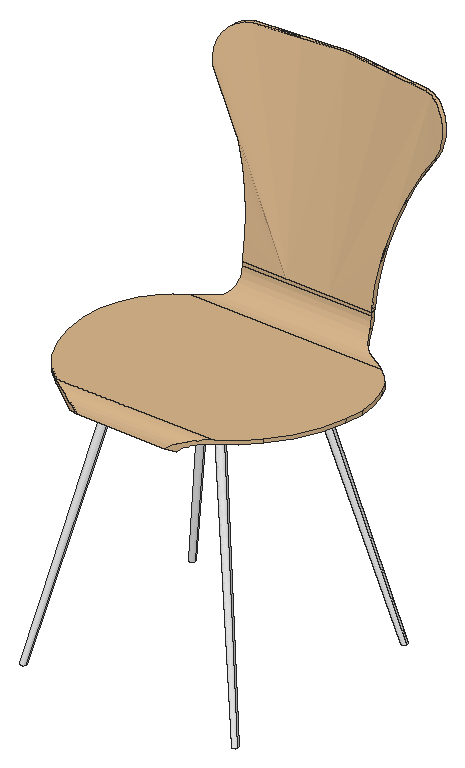
Revit family
Parameters
  Material Legs = Metal - Chrome
  Material Chair = Wood - Birch
Reference planes
  plane 1 "Center (Front/Back)": y = 0
  plane 2: z = 0
  plane 3 "Center (Left/Right)": x = 0
  plane 4: x = -225
  plane 5: x = 225
  plane 6: y = 200
  plane 7: y = -200
  plane 8 "Seat": z = 450
  plane 9: z = 800
  plane 10: x = 110
  plane 11: x = -110
  plane 12: z = 475.093
Forms (mm)
  Extrusion 1, solid, material "Wood - Birch" <- "Material Chair"
    sketch origin (0, 0, 0) x (0, 1, 0) y (0, 0, 1)
      loop
        arc (-170, 450) -> (-188.617, 444.912) -> (-200, 429.326) r 29.217
        line (-200, 429.326) -> (-194.258, 427.587)
        arc (-194.258, 427.587) -> (-185.212, 439.971) -> (-170.419, 444.015) r 23.217
        line (-170.419, 444.015) -> (153.79, 421.344)
        arc (153.79, 421.344) -> (190.502, 434.358) -> (206, 470.093) r 48.806
        line (206, 470.093) -> (206, 475.093) -> (200, 475.093) -> (200, 470.093)
        arc (200, 470.093) -> (186.41, 438.746) -> (154.208, 427.329) r 42.806
        line (154.208, 427.329) -> (-170, 450)
    from -225 to 225
  Extrusion 2, void
    sketch origin (0, 0, 0) x (1, 0, 0) y (0, 1, 0)
      loop
        line (-110, 206) -> (-245, 206) -> (-245, -214) -> (245, -214) -> (245, 206) -> (110, 206)
        arc (110, 206) -> (117.478, 183.769) -> (135.811, 169.138) r 41.519
        arc (135.811, 169.138) -> (178.704, 141.327) -> (208.387, 99.707) r 136.748
        arc (208.387, 99.707) -> (223.049, 52.445) -> (225, 3) r 189.864
        arc (225, 3) -> (211.006, -61.42) -> (181.787, -120.513) r 269.404
        arc (181.787, -120.513) -> (117.579, -181.575) -> (33.009, -208.014) r 195.467
        arc (33.009, -208.014) -> (0, -209.198) -> (-33.009, -208.014) r 460.841
        arc (-33.009, -208.014) -> (-117.579, -181.575) -> (-181.787, -120.513) r 195.467
        arc (-181.787, -120.513) -> (-211.006, -61.42) -> (-225, 3) r 269.404
        arc (-225, 3) -> (-223.049, 52.445) -> (-208.387, 99.707) r 189.864
        arc (-208.387, 99.707) -> (-178.704, 141.327) -> (-135.811, 169.138) r 136.748
        arc (-135.811, 169.138) -> (-117.478, 183.769) -> (-110, 206) r 41.519
    from 408.822 to 493.819
  Blend 3, solid, material "Wood - Birch" <- "Material Chair"
    base sketch origin (0, 200, 475.093) x (0, -1, 0) y (1, 0, 0)
      loop
        arc (-6, -110) -> (-2.988, -110.225) -> (0, -110.668) r 41.519
        line (0, -110.668) -> (0, 110.668)
        arc (0, 110.668) -> (-2.988, 110.225) -> (-6, 110) r 41.519
        line (-6, 110) -> (-6, -110)
    top sketch origin (0, 200, 475.093) x (0, -1, 0) y (1, 0, 0)
      loop
        line (-55, -225) -> (-49.287, -223.168)
        arc (-49.287, -223.168) -> (-84.199, 0) -> (-49.287, 223.168) r 730.716
        line (-49.287, 223.168) -> (-55, 225)
        arc (-55, 225) -> (-90.199, 0) -> (-55, -225) r 736.716
    from 0 to 324.907
  Extrusion 4, void
    sketch origin (0, 0, 0) x (1, 0, 0) y (0, 0, 1)
      loop
        line (-110.668, 475.093) -> (-110.668, 480.093)
        arc (-110.668, 480.093) -> (-130.369, 606.142) -> (-187.591, 720.169) r 413.102
        arc (-187.591, 720.169) -> (-191.797, 771.843) -> (-148.265, 800) r 50.509
        line (-148.265, 800) -> (148.265, 800)
        arc (148.265, 800) -> (191.797, 771.843) -> (187.591, 720.169) r 50.509
        arc (187.591, 720.169) -> (130.369, 606.142) -> (110.668, 480.093) r 413.102
        line (110.668, 480.093) -> (110.668, 475.093) -> (244.332, 475.093) -> (244.332, 815.093) -> (-240.668, 815.093) -> (-240.668, 475.093) -> (-110.668, 475.093)
    from -362.435 to -113.129
  Blend 5, solid, material "Metal - Chrome" <- "Material Legs"
    base sketch origin (0, 0, 0) x (1, 0, 0) y (0, 1, 0)
      loop
        circle (181.744, -181.303) r 5
    top sketch origin (0, 0, 0) x (1, 0, 0) y (0, 1, 0)
      loop
        circle (86.314, -96.145) r 7.5
    from 0 to 438.225
  Blend 6, solid, material "Metal - Chrome" <- "Material Legs"
    base sketch origin (0, 0, 0) x (-1, 0, 0) y (0, -1, 0)
      loop
        circle (181.744, 181.303) r 5
    top sketch origin (0, 0, 0) x (-1, 0, 0) y (0, -1, 0)
      loop
        circle (86.314, 96.145) r 7.5
    from 0 to 438.225
  Blend 7, solid, material "Metal - Chrome" <- "Material Legs"
    base sketch origin (0, 0, 0) x (1, 0, 0) y (0, 1, 0)
      loop
        circle (181.744, 181.303) r 5
    top sketch origin (0, 0, 0) x (1, 0, 0) y (0, 1, 0)
      loop
        circle (86.314, 96.145) r 7.5
    from 0 to 424.69
  Blend 8, solid, material "Metal - Chrome" <- "Material Legs"
    base sketch origin (0, 0, 0) x (-1, 0, 0) y (0, -1, 0)
      loop
        circle (181.744, -181.303) r 5
    top sketch origin (0, 0, 0) x (-1, 0, 0) y (0, -1, 0)
      loop
        circle (86.314, -96.145) r 7.5
    from 0 to 424.69
Cuts and joins
  Extrusion 2, Extrusion 4 cuts Extrusion 1
  Extrusion 4 cuts Blend 3
  joined: Extrusion 1, Blend 3
Lines and regions (mm)
  Masking region 1
    outline origin (0, 0, 450) x (-1, 0, 0) y (0, -1, 0)
      loop
        arc (135.811, -169.138) -> (178.704, -141.327) -> (208.387, -99.707) r 136.748
        arc (208.387, -99.707) -> (219.341, -69.362) -> (225, -37.6) r 189.864
        line (225, -37.6) -> (225, -3)
        arc (225, -3) -> (211.006, 61.42) -> (181.787, 120.513) r 269.404
        arc (181.787, 120.513) -> (135.678, 169.528) -> (75.679, 200) r 195.467
        arc (75.679, 200) -> (0, 211.319) -> (-75.679, 200) r 258.648
        arc (-75.679, 200) -> (-135.678, 169.528) -> (-181.787, 120.513) r 195.467
        arc (-181.787, 120.513) -> (-211.006, 61.42) -> (-225, -3) r 269.404
        line (-225, -3) -> (-225, -37.6)
        arc (-225, -37.6) -> (-219.341, -69.362) -> (-208.387, -99.707) r 189.864
        arc (-208.387, -99.707) -> (-178.704, -141.327) -> (-135.811, -169.138) r 136.748
        arc (-135.811, -169.138) -> (-117.478, -183.769) -> (-110, -206) r 41.519
        arc (-110, -206) -> (0, -224.305) -> (110, -206) r 339.666
        arc (110, -206) -> (117.478, -183.769) -> (135.811, -169.138) r 41.519
  Masking region 2
    outline origin (0, 0, 450) x (-1, 0, 0) y (0, -1, 0)
      loop
        spline (-110.668, -205.77) -> (-111.183, -209.394) -> (-112.793, -213.288) -> (-115.491, -217.38) -> (-119.271, -221.482) -> (-124.128, -225.499) -> (-130.058, -229.358) -> (-137.054, -232.985) -> (-145.108, -236.312) -> (-154.207, -239.281) -> (-164.336, -241.832) -> (-175.473, -243.887) -> (-187.591, -245.418)
        spline (-187.591, -245.418) -> (-192.311, -246.193) -> (-195.433, -247.552) -> (-196.885, -249.462) -> (-196.666, -251.85) -> (-194.842, -254.621) -> (-191.521, -257.666) -> (-186.827, -260.869) -> (-180.9, -264.112) -> (-173.891, -267.277) -> (-165.974, -270.249) -> (-157.35, -272.892) -> (-148.265, -275.126)
        arc (-148.265, -275.126) -> (0, -290.199) -> (148.265, -275.126) r 736.716
        spline (148.265, -275.126) -> (157.35, -272.892) -> (165.974, -270.249) -> (173.891, -267.277) -> (180.9, -264.112) -> (186.827, -260.869) -> (191.521, -257.666) -> (194.842, -254.621) -> (196.666, -251.85) -> (196.885, -249.462) -> (195.433, -247.552) -> (192.311, -246.193) -> (187.591, -245.418)
        spline (187.591, -245.418) -> (175.465, -243.886) -> (164.329, -241.831) -> (154.204, -239.28) -> (145.109, -236.31) -> (137.057, -232.983) -> (130.06, -229.359) -> (124.13, -225.502) -> (119.271, -221.484) -> (115.491, -217.38) -> (112.794, -213.288) -> (111.183, -209.394) -> (110.668, -205.77)
        arc (110.668, -205.77) -> (0, -224.305) -> (-110.668, -205.77) r 339.666
  symbolic lines, not visible
    curve 1: arc (-208.387, 99.707, 0) -> (-178.704, 141.327, 0) -> (-135.811, 169.138, 0) r 136.748
    curve 2: arc (-225, 37.6, 0) -> (-219.341, 69.362, 0) -> (-208.387, 99.707, 0) r 189.864
    curve 3: line (-225, 37.6, 0) -> (-225, 3, 0)
    curve 4: arc (-181.787, -120.513, 0) -> (-211.006, -61.42, 0) -> (-225, 3, 0) r 269.404
    curve 5: arc (-75.679, -200, 0) -> (-135.678, -169.528, 0) -> (-181.787, -120.513, 0) r 195.467
    curve 6: arc (181.787, -120.513, 0) -> (135.678, -169.528, 0) -> (75.679, -200, 0) r 195.467
    curve 7: arc (225, 3, 0) -> (211.006, -61.42, 0) -> (181.787, -120.513, 0) r 269.404
    curve 8: line (225, 3, 0) -> (225, 37.6, 0)
    curve 9: arc (208.387, 99.707, 0) -> (219.341, 69.362, 0) -> (225, 37.6, 0) r 189.864
    curve 10: arc (135.811, 169.138, 0) -> (178.704, 141.327, 0) -> (208.387, 99.707, 0) r 136.748
    curve 11: arc (110, 206, 0) -> (117.478, 183.769, 0) -> (135.811, 169.138, 0) r 41.519
    curve 12: line (187.591, 245.418, 0) -> (110.668, 206.765, 0)
    curve 13: line (148.265, 275.126, 0) -> (187.591, 245.418, 0)
    curve 14: arc (148.265, 275.126, 0) -> (0, 290.199, 0) -> (-148.265, 275.126, 0) r 736.716
    curve 15: line (-187.591, 245.418, 0) -> (-148.265, 275.126, 0)
    curve 16: line (-110.668, 206.765, 0) -> (-187.591, 245.418, 0)
    curve 17: arc (-135.811, 169.138, 0) -> (-117.478, 183.769, 0) -> (-110, 206, 0) r 41.519
    curve 18: arc (-110, 206, 0) -> (0, 224.305, 0) -> (110, 206, 0) r 339.666
    curve 19: arc (-75.679, -200, 0) -> (0, -211.319, 0) -> (75.679, -200, 0) r 258.648
Dimensions and locks
  aligned and locked: curve 1 to cut or joined group of Extrusion 1, Extrusion 2, Blend 3, Extrusion 4
  aligned and locked: curve 2 to cut or joined group of Extrusion 1, Extrusion 2, Blend 3, Extrusion 4
  aligned and locked: curve 3 to cut or joined group of Extrusion 1, Extrusion 2, Blend 3, Extrusion 4
  aligned and locked: curve 4 to cut or joined group of Extrusion 1, Extrusion 2, Blend 3, Extrusion 4
  aligned and locked: curve 5 to cut or joined group of Extrusion 1, Extrusion 2, Blend 3, Extrusion 4
  aligned and locked: curve 6 to cut or joined group of Extrusion 1, Extrusion 2, Blend 3, Extrusion 4
  aligned and locked: curve 7 to cut or joined group of Extrusion 1, Extrusion 2, Blend 3, Extrusion 4
  aligned and locked: curve 8 to cut or joined group of Extrusion 1, Extrusion 2, Blend 3, Extrusion 4
  aligned and locked: curve 9 to cut or joined group of Extrusion 1, Extrusion 2, Blend 3, Extrusion 4
  aligned and locked: curve 10 to cut or joined group of Extrusion 1, Extrusion 2, Blend 3, Extrusion 4
  aligned and locked: curve 11 to cut or joined group of Extrusion 1, Extrusion 2, Blend 3, Extrusion 4
  aligned and locked: curve 14 to cut or joined group of Extrusion 1, Extrusion 2, Blend 3, Extrusion 4
  aligned and locked: curve 17 to cut or joined group of Extrusion 1, Extrusion 2, Blend 3, Extrusion 4
  aligned and locked: Masking region 1 sketch curve to curve 17
  aligned and locked: Masking region 1 sketch curve to curve 18
  aligned and locked: Masking region 1 sketch curve to curve 11
  aligned and locked: Masking region 1 sketch curve to curve 10
  aligned and locked: Masking region 1 sketch curve to curve 9
  aligned and locked: Masking region 1 sketch curve to curve 8
  aligned and locked: Masking region 1 sketch curve to curve 7
  aligned and locked: Masking region 1 sketch curve to curve 6
  aligned and locked: Masking region 1 sketch curve to curve 19
  aligned and locked: Masking region 1 sketch curve to curve 5
  aligned and locked: Masking region 1 sketch curve to curve 4
  aligned and locked: Masking region 1 sketch curve to curve 3
  aligned and locked: Masking region 1 sketch curve to curve 2
  aligned and locked: Masking region 1 sketch curve to curve 1
  aligned and locked: Masking region 2 sketch curve to curve 14
  aligned and locked: Masking region 2 sketch curve to curve 18
